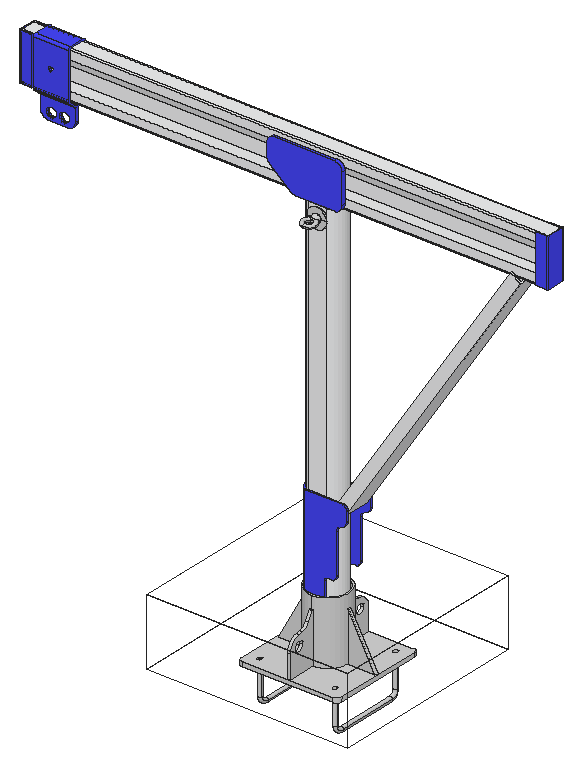
Revit family "FallProtection_DavitBase_Kattsafe_FloorMount_CastInCage", category Specialty Equipment, Revit 2025 (continued)
Definition of nested family "Ropeaccess_Davitarm_Kattsafe"
  Automatic sketch dimensions
    Masking region 1 sketch curve to Masking region 1 sketch curve = 17.163 mm
    Masking region 1 sketch curve to plane 3 "MastCentre" = 14.715 mm  (x2)
    Masking region 1 sketch curve to Masking region 1 sketch curve = 1.951 mm  (x2)
    Masking region 1 sketch curve to plane 3 "MastCentre" = 0.169 mm  (x2)
    plane 3 "MastCentre" to Masking region 1 sketch curve = 1.229 mm
    Masking region 1 sketch curve to Masking region 1 sketch curve = 2.008 mm  (x2)
    Masking region 1 sketch curve to Masking region 1 sketch curve = 35.139 mm  (x2)
    Masking region 1 sketch curve to Masking region 1 sketch curve = 16.686 mm  (x2)
    plane 25 "MastJoinRight" to Masking region 1 sketch curve = 30 mm  (x2)
    plane 21 "ArmBracePivot" to Masking region 1 sketch curve = 12.927 mm  (x2)
    Masking region 1 sketch curve to Masking region 1 sketch curve = 36.447 mm  (x2)
    Masking region 1 sketch curve to Masking region 1 sketch curve = 13.626 mm  (x2)
    curve 18 to curve 21 = 0 mm  (x2)
    curve 19 to plane 28 "MastBack" = 0 mm
    plane 14 "ArmBack" to curve 25 = 0 mm
    curve 7 to plane 14 "ArmBack" = 0 mm
    curve 8 to plane 14 "ArmBack" = 0 mm
    plane 14 "ArmBack" to curve 16 = 0 mm
    curve 9 to plane 14 "ArmBack" = 0 mm
    curve 26 to plane 18 "ArmRight" = 0 mm
    curve 7 to plane 17 "ArmLeft" = 0 mm
    plane 1 "Centre (Front/Back)" to curve 21 = 0 mm
    curve 3 to plane 15 "ArmFront" = 0 mm
    plane 15 "ArmFront" to curve 15 = 0 mm
    curve 9 to plane 15 "ArmFront" = 0 mm
    plane 15 "ArmFront" to curve 22 = 0 mm
    curve 8 to plane 15 "ArmFront" = 0 mm
    plane 27 "MastFront" to curve 20 = 0 mm
    curve 11 to plane 26 "MastJoinLeft" = 0 mm
    curve 10 to plane 26 "MastJoinLeft" = 0 mm
    curve 6 to curve 7 = 1 mm
    plane 14 "ArmBack" to curve 24 = 1 mm
    curve 24 to plane 15 "ArmFront" = 1 mm
    curve 4 to plane 15 "ArmFront" = 1 mm
    curve 20 to plane 3 "MastCentre" = 40 mm
    curve 19 to plane 3 "MastCentre" = 40 mm
    curve 18 to plane 3 "MastCentre" = 1.229 mm
    plane 25 "MastJoinRight" to curve 10 = 110 mm
    curve 11 to curve 10 = 0 mm
    curve 13 to plane 28 "MastBack" = 9.3 mm
    curve 17 to plane 14 "ArmBack" = 10 mm
    curve 15 to curve 14 = 10 mm
    curve 12 to plane 27 "MastFront" = 9.3 mm
    curve 3 to curve 3 = 46 mm
    curve 6 to curve 6 = 46 mm
    curve 3 to curve 8 = 14 mm
    plane 19 "RiggingAnchor" to curve 9 = 70 mm
    curve 13 to curve 18 = 8.013 mm
    curve 12 to curve 21 = 8.013 mm
    curve 20 to plane 25 "MastJoinRight" = 45.145 mm
    curve 19 to plane 25 "MastJoinRight" = 45.145 mm
    curve 19 to curve 13 = 9.119 mm
    curve 20 to curve 12 = 9.119 mm
    curve 17 to curve 11 = 0 mm
    curve 14 to curve 10 = 0 mm
    plane 21 "ArmBracePivot" to curve 17 = 12.927 mm
    plane 21 "ArmBracePivot" to curve 15 = 12.927 mm
    curve 14 to curve 15 = 0 mm
    curve 16 to curve 17 = 0 mm
    curve 22 to curve 22 = 46 mm
    curve 25 to curve 25 = 46 mm
    Revolve 15 sketch curve to Revolve 15 sketch curve = 23.448 mm
    Revolve 17 sketch curve to Revolve 17 sketch curve = 23.448 mm
    radius of Extrusion 8 sketch curve = 9 mm
    radius of Extrusion 8 sketch curve = 20 mm  (x2)
    radius of Revolve 14 sketch curve = 6.25 mm
    radius of Revolve 16 sketch curve = 6.25 mm
Definition of nested family "OperationalReach_DavitArm_Kattsafe"
  Parameters (values of type "Type 1")
    URL = "https://kattsafe.com.au/"
    OperationalReach [instance] = 1199 mm
    Manufacturer = "Kattsafe®"
    CircleVis [instance] = yes
    CircleRadius [instance] = 1070 mm
  Reference planes
    plane 1 "Center (Front/Back)": y = 0
    plane 2: z = 0
    plane 3 "Center (Left/Right)": x = 0
    plane 4 "Center (F/C": y = 1199
    plane 5 "Center (F/D": y = 995
  Lines and regions (mm)
    detail lines, in view "Ref. Level", detail levels medium+fine
      curve 1: line (-34, 1199, 0) -> (34, 1199, 0)
      curve 2: arc (38, 1195, 0) -> (36.828, 1197.828, 0) -> (34, 1199, 0) r 4
      curve 3: line (38, 1195, 0) -> (38, 1149, 0)
      curve 4: line (38, 1149, 0) -> (35, 1149, 0)
      curve 5: line (35, 1149, 0) -> (35, 1135, 0)
      curve 6: line (35, 1135, 0) -> (40, 1135, 0)
      curve 7: line (40, 995, 0) -> (35, 995, 0)
      curve 8: line (40, 1135, 0) -> (40, 995, 0)
      curve 9: line (35, 995, 0) -> (35, 205, 0)
      curve 10: line (47.5, 205, 0) -> (47.5, 114.675, 0)
      curve 11: line (47.5, 205, 0) -> (35, 205, 0)
      curve 12: arc (-38, 1195, 0) -> (-36.828, 1197.828, 0) -> (-34, 1199, 0) r 4
      curve 13: line (-38, 1195, 0) -> (-38, 1149, 0)
      curve 14: line (-38, 1149, 0) -> (-35, 1149, 0)
      curve 15: line (-35, 1149, 0) -> (-35, 1135, 0)
      curve 16: line (-35, 1135, 0) -> (-40, 1135, 0)
      curve 17: line (-40, 1135, 0) -> (-40, 995, 0)
      curve 18: line (-52.5, 205, 0) -> (-52.5, 114.675, 0)
      curve 19: line (-52.5, 205, 0) -> (-35, 205, 0)
      curve 20: line (-40, 995, 0) -> (-35, 995, 0)
      curve 21: line (-35, 995, 0) -> (-35, 205, 0)
    detail lines, in view "Ref. Level", visible <- "CircleVis"
      curve 22: circle (0, 0, 0) r 1070 normal (0, 0, 1)
  Dimensions and locks
    "OperationalReach": plane 4 "Center (F/C" to plane 1 "Center (Front/Back)"
    locked: plane 5 "Center (F/D" to plane 4 "Center (F/C" at 204
    "CircleRadius": radius of curve 22
    aligned and locked: curve 7 to plane 5 "Center (F/D"
    aligned and locked: plane 5 "Center (F/D" to curve 20
    aligned and locked: plane 4 "Center (F/C" to curve 1
  Automatic sketch dimensions
    plane 1 "Center (Front/Back)" to curve 22 = 0 mm
    curve 22 to plane 3 "Center (Left/Right)" = 0 mm
    plane 4 "Center (F/C" to curve 12 = 4 mm
    curve 12 to plane 3 "Center (Left/Right)" = 34 mm
    curve 19 to plane 3 "Center (Left/Right)" = 35 mm
    curve 13 to curve 16 = 3 mm
    curve 16 to curve 15 = 5 mm
    curve 19 to curve 19 = 17.5 mm
    plane 3 "Center (Left/Right)" to curve 1 = 34 mm
    plane 3 "Center (Left/Right)" to curve 9 = 35 mm
    plane 3 "Center (Left/Right)" to curve 5 = 35 mm
    curve 4 to curve 3 = 3 mm
    curve 5 to curve 6 = 5 mm
    curve 9 to curve 11 = 12.5 mm
    curve 21 to plane 1 "Center (Front/Back)" = 205 mm
    curve 19 to curve 11 = 0 mm
    curve 16 to curve 12 = 60 mm
    curve 8 to curve 2 = 60 mm
    curve 16 to curve 13 = 14 mm
    curve 6 to curve 4 = 14 mm
    curve 18 to curve 18 = 90.325 mm
    curve 10 to curve 10 = 90.325 mm
Types (5, lengths in mm): name | Type Comments | RightOffset | OperationalRangeVis | OperationalRangeRadius | OperationalRangeOA | Model | ManufacturerSpecCode | ManufacturerOverallWidth | ManufacturerOverallHeight | DavitArmVis | ArmWidth | ArmHeight
  Base Only (OH520 + AP160) | "Base Only" | 200 | no | 1070 | 1199 | "OH520 + AP160" | "OH520 + AP160" | 400 | 415 | no | 2506 | 2400
  1000mm Reach - 1600H (OH510.1600 + OH520 + AP160) | "1000mm Reach - 1600mm Height Clearance" | 907 | yes | 1070 | 1199 | "OH510.1600 + OH520 + AP160" | "OH510.1600 + OH520 + AP160" | 2106 | 2000 | yes | 2106 | 1800
  1000mm Reach - 2200H (OH510.2200 + OH520 + AP160) | "1000mm Reach - 2200mm Height Clearance" | 907 | yes | 1070 | 1199 | "OH510.2200 + OH520 + AP160" | "OH510.2200 + OH520 + AP160" | 2106 | 2600 | yes | 2106 | 2400
  1400mm Reach - 1600H (OH514.1600 + OH520 + AP160) | "1400mm Reach - 1600mm Height Clearance" | 907 | yes | 1470 | 1599 | "OH514.1600 + OH520 + AP160" | "OH514.1600 + OH520 + AP160" | 2506 | 2000 | yes | 2506 | 1800
  1400mm Reach - 2200H (OH514.2200 + OH520 + AP160) | "1400mm Reach - 2200mm Height Clearance" | 907 | yes | 1470 | 1599 | "OH514.2200 + OH520 + AP160" | "OH514.2200 + OH520 + AP160" | 2506 | 2600 | yes | 2506 | 2400
